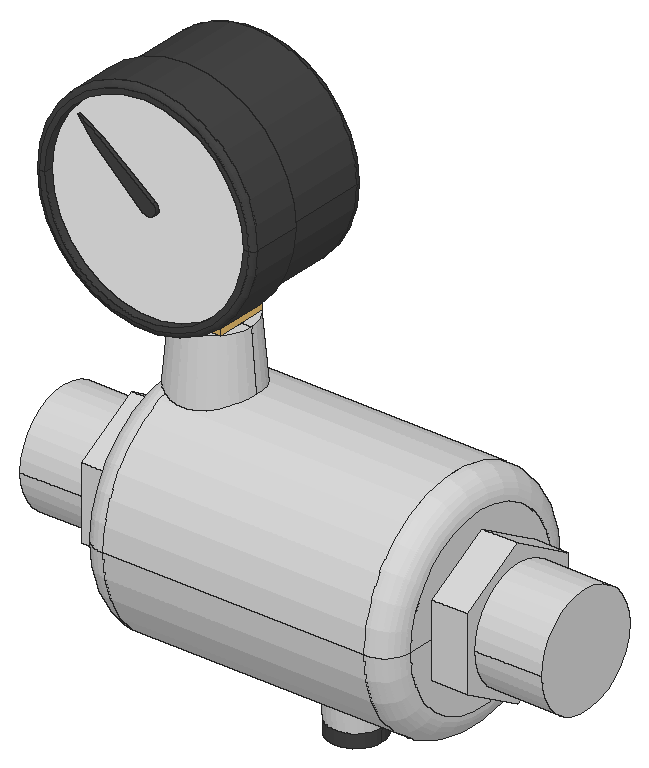
Revit family "VT.084.N", category Арматура трубопроводов, Revit 2019
Family settings
  Размер круглого соединителя = Использовать диаметр
  Тип детали = Нормальный
  На основе рабочей плоскости = Нет
  Всегда вертикально = Да
  При загрузке вырезать с полостями = Нет
  Общий = Нет
Parameters
  Таблица = "VT.084.N"
  Description = ""
  Материал доп. [instance] = Пластик - черный
  Изготовитель = "VALTEC"  # constant formula
  Группа модели = "Редукторы давления для воды"
  massa [instance] = size_lookup(Таблица, "ves", 0 mm, Du)  # 560 mm
  h2 [instance] = size_lookup(Таблица, "h2", 0 mm, Du)  # 27 mm
  h1 [instance] = size_lookup(Таблица, "h1", 0 mm, Du)  # 33 mm
  dn [instance] = size_lookup(Таблица, "dn", 0 mm, Du)  # 21 mm
  d1 [instance] = size_lookup(Таблица, "d1", 0 mm, Du)  # 44 mm
  a [instance] = size_lookup(Таблица, "a", 0 mm, Du)  # 24 mm
  URL = "https://valtec.ru/"
  R [instance] = 5 mm  # constant formula
  L4 [instance] = size_lookup(Таблица, "L4", 0 mm, Du)  # 6 mm
  L3 [instance] = size_lookup(Таблица, "L3", 0 mm, Du)  # 21 mm
  L2 [instance] = size_lookup(Таблица, "L2", 0 mm, Du)  # 7 mm
  L1 [instance] = size_lookup(Таблица, "L1", 0 mm, Du)  # 13 mm
  L [instance] = size_lookup(Таблица, "L", 0 mm, Du)  # 60 mm
  Du [instance] = 15 mm
  ADSK_Обозначение [instance] = "VT.084.N"  # constant formula
  ADSK_Наименование [instance] = size_lookup(Таблица, "", "Данный типоразмер отсутствует", Du)  # "Линейный редуктор-ограничитель расхода"
  ADSK_Материал [instance] = Нержавеющая сталь
  ADSK_Масса [instance] = massa / 1000 mm  # 0.56
  ADSK_Код изделия - манометр [instance] = "VT.ТМ40.Т\r"  # constant formula
  ADSK_Код изделия [instance] = size_lookup(Таблица, "Код продукта", "Данный типоразмер отсутствует", Du)  # "VT.084.N.04"
  ADSK_Завод-изготовитель [instance] = Изготовитель  # "VALTEC"
  ADSK_Единица измерения [instance] = "шт."  # constant formula
  ADSK_URL страницы изделия = "https://valtec.ru/catalog/reguliruyuschaya_armatura/reduktory_davleniya_dlya_vody/linejnyj_reduktor_ogranichitel_rashoda_vt084n.html"
  ADSK_URL документации изделия [instance] = "https://valtec.ru/document/technical/VT.084-0519.pdf"
Reference planes
  plane 1 "По центру (Вперед/Назад)": y = 0
  plane 2: z = 0
  plane 3 "По центру (Влево/Вправо)": x = 0
  plane 4: y = -22
  plane 5: y = 22
  plane 6: x = -30
  plane 7: x = 30
  plane 8: x = 37
  plane 9: x = -37
  plane 10: x = 50
  plane 11: x = -50
  plane 12: y = 12
  plane 13: y = -12
  plane 14: through (0, 0, 0) normal (0, 0.5, 0.866)
  plane 15: through (0, 44.051, -11.576) normal (0, 0.5, 0.866)
  plane 16: through (0, 38.162, -35.89) normal (0, 0.5, 0.866)
  plane 17: through (0, 0, 0) normal (0, 0.5, -0.866)
  plane 18: through (0, 42.521, 38.406) normal (0, -0.5, 0.866)
  plane 19: through (0, 52.555, 16.486) normal (0, -0.5, 0.866)
  plane 20: z = 33
  plane 21: x = -21
  plane 22: x = 6
  plane 23: z = -27
Forms (mm)
  Revolve 1, solid, material "Нержавеющая сталь" <- "ADSK_Материал", detail levels fine
    sketch origin (0, 0, 0) x (1, 0, 0) y (0, 1, 0)
      loop
        arc (-25, 22) -> (-28.536, 20.536) -> (-30, 17) r 5
        line (-30, 17) -> (-30, 0) -> (30, 0) -> (30, 17)
        arc (30, 17) -> (28.536, 20.536) -> (25, 22) r 5
        line (25, 22) -> (-25, 22)
      axis (30, 0) -> (-30, 0)
    angle from 0 to 360
  Extrusion 2, solid, material "Нержавеющая сталь" <- "ADSK_Материал", detail levels fine
    sketch origin (0, 0, 0) x (0, 1, 0) y (0, 0, 1)
      loop
        line (12, -6.928) -> (12, 6.928) -> (0, 13.856) -> (-12, 6.928) -> (-12, -6.928) -> (0, -13.856) -> (12, -6.928)
    from -37 to -30
  Extrusion 3, solid, material "Нержавеющая сталь" <- "ADSK_Материал", detail levels fine
    sketch origin (0, 0, 0) x (0, 1, 0) y (0, 0, 1)
      loop
        line (0, 13.856) -> (-12, 6.928) -> (-12, -6.928) -> (0, -13.856) -> (12, -6.928) -> (12, 6.928) -> (0, 13.856)
    from 30 to 37
  Extrusion 4, solid, material "Нержавеющая сталь" <- "ADSK_Материал", detail levels fine
    sketch origin (0, 0, 0) x (0, 1, 0) y (0, 0, 1)
      loop
        circle (0, 0) r 10.5
    from -50 to -37
  Extrusion 5, solid, material "Нержавеющая сталь" <- "ADSK_Материал", detail levels fine
    sketch origin (0, 0, 0) x (0, 1, 0) y (0, 0, 1)
      loop
        circle (0, 0) r 10.5
    from 37 to 50
  Revolve 6, solid, material "Нержавеющая сталь" <- "ADSK_Материал", detail levels fine
    sketch origin (0, 0, 0) x (1, 0, 0) y (0, 0, 1)
      loop
        line (-21, 33) -> (-28.008, 33) -> (-29.758, 13) -> (-21, 13) -> (-21, 33)
      axis (-21, 33) -> (-21, 13)
    angle from 0 to 360
  Revolve 7, solid, material "Нержавеющая сталь" <- "ADSK_Материал", detail levels fine
    sketch origin (0, 0, 0) x (1, 0, 0) y (0, 0, 1)
      loop
        line (11, -27) -> (11.875, -17) -> (6, -17) -> (6, -27) -> (11, -27)
      axis (6, -17) -> (6, -27)
    angle from 0 to 360
  Revolve 8, solid, material "Пластик - черный" <- "Материал доп.", detail levels fine
    sketch origin (0, 0, 0) x (1, 0, 0) y (0, 0, 1)
      loop
        line (6, -27) -> (6, -29.512) -> (11, -29.512) -> (11, -27) -> (6, -27)
      axis (6, -27) -> (6, -29.512)
    angle from 0 to 360
Dimensions and locks
  equal spacing: plane 5, plane 1 "По центру (Вперед/Назад)", plane 4
  "d1": plane 5 to plane 4
  equal spacing: plane 6, plane 3 "По центру (Влево/Вправо)", plane 7
  "L": plane 6 to plane 7
  "L2": plane 9 to plane 6
  "L1": plane 11 to plane 9
  "L2": plane 7 to plane 8
  "L1": plane 8 to plane 10
  equal spacing: plane 15, plane 14, plane 16
  "a": plane 15 to plane 16
  equal spacing: plane 18, plane 17, plane 19
  "a": plane 18 to plane 19
  equal spacing: plane 12, plane 1 "По центру (Вперед/Назад)", plane 13
  "a": plane 12 to plane 13
  "h1": plane 20 to level
  "L3": plane 3 "По центру (Влево/Вправо)" to plane 21
  "h2": level to plane 23
  "L4": plane 22 to plane 3 "По центру (Влево/Вправо)"
  locked: plane 21 to Revolve 6 sketch curve at 7.008
  locked: plane 20 to Revolve 6 sketch curve at 20
  locked: Revolve 7 sketch curve to plane 23 at 10
  locked: Revolve 7 to Revolve 8 sketch curve at 2.512
  locked: Revolve 8 sketch curve to plane 22 at 5
  "R": radius of Revolve 1 sketch curve  (x2)
  "dn": diameter of Extrusion 4 sketch curve
  "dn": diameter of Extrusion 5 sketch curve
  locked: Revolve 6 sketch curve to plane 21 (angle 5.00°)
  locked: Revolve 7 sketch curve to plane 22 (angle 5.00°)
  aligned and locked: level to plane 2
  aligned and locked: Revolve 1 sketch curve to plane 5
  aligned and locked: plane 1 "По центру (Вперед/Назад)" to Revolve 1 sketch curve
  aligned and locked: Revolve 1 sketch curve to plane 1 "По центру (Вперед/Назад)"
  aligned and locked: Revolve 1 sketch curve to plane 7
  aligned and locked: Revolve 1 sketch curve to plane 6
  aligned and locked: Extrusion 2 sketch curve to plane 12
  aligned and locked: plane 13 to Extrusion 2 sketch curve
  aligned and locked: plane 18 to Extrusion 2 sketch curve
  aligned and locked: plane 15 to Extrusion 2 sketch curve
  aligned and locked: Extrusion 2 sketch curve to plane 19
  aligned and locked: Extrusion 2 sketch curve to plane 16
  aligned and locked: Extrusion 2 to plane 9
  aligned and locked: plane 6 to Extrusion 2
  aligned and locked: Extrusion 3 sketch curve to plane 18
  aligned and locked: Extrusion 3 sketch curve to plane 13
  aligned and locked: Extrusion 3 sketch curve to plane 15
  aligned and locked: plane 12 to Extrusion 3 sketch curve
  aligned and locked: plane 19 to Extrusion 3 sketch curve
  aligned and locked: plane 16 to Extrusion 3 sketch curve
  aligned and locked: Extrusion 3 to plane 7
  aligned and locked: plane 8 to Extrusion 3
  aligned and locked: plane 1 "По центру (Вперед/Назад)" to Extrusion 4 sketch curve
  aligned and locked: level to Extrusion 4 sketch curve
  aligned and locked: Extrusion 4 to plane 11
  aligned and locked: plane 9 to Extrusion 4
  aligned and locked: plane 1 "По центру (Вперед/Назад)" to Extrusion 5 sketch curve
  aligned and locked: level to Extrusion 5 sketch curve
  aligned and locked: Extrusion 5 to plane 8
  aligned and locked: plane 10 to Extrusion 5
  aligned and locked: plane 20 to Revolve 6 sketch curve
  aligned and locked: plane 21 to Revolve 6 sketch curve
  aligned and locked: Revolve 6 sketch curve to plane 21
  aligned and locked: Revolve 7 sketch curve to plane 22  (x2)
  aligned and locked: plane 21 to nested 1
  aligned and locked: nested 1 to plane 20
  aligned and locked: plane 1 "По центру (Вперед/Назад)" to nested 1
  aligned and locked: plane 23 to Revolve 8 sketch curve
  aligned and locked: Revolve 8 sketch curve to plane 22  (x2)
Automatic sketch dimensions
  Revolve 6 sketch curve to Revolve 6 sketch curve = 4.385 mm
  Revolve 6 sketch curve to Revolve 6 sketch curve = 10.651 mm
  Revolve 7 sketch curve to plane 23 = 0 mm
  Revolve 7 sketch curve to Revolve 7 sketch curve = 5 mm
  Revolve 7 sketch curve to Revolve 7 sketch curve = 19.443 mm
  Revolve 7 sketch curve to Revolve 7 sketch curve = 3.841 mm
  Revolve 8 sketch curve to plane 23 = 0 mm
  Revolve 8 sketch curve to Revolve 8 sketch curve = 16.931 mm
  plane 23 to Revolve 8 sketch curve = 13.841 mm
  Revolve 1 sketch curve to plane 11 = 1945 mm
  plane 10 to Revolve 1 sketch curve = 1942.592 mm
Nested families
  nested 1: "Манометр" at (-21, 0, 58), type "Манометр", detail levels fine
  nested 2: "Анатация" at (0, 0, 0), type "Анатация", detail levels coarse+medium
Connectors
  piping at (-37, 0, 0), diameter 15, driven by "Du"
    settings: on Extrusion 4, index 1, connector inside diameter 609.6 mm, connector length 0 mm, flow factor 0, pipe flow 0.0 L/s, pressure drop 0.0 Pa, fitting loss kfactor 0, connector angle 0.00°, fixture units 0, engagement length 0 mm, angle of deflection 0.00°, flow configuration 0, flow direction 0, fitting loss method 0, system type 28, joint type 0, gender type 0, connector reference index -1, connector utility 0, adjustable connector no, is connector primary yes, connector description ""
  piping at (37, 0, 0), diameter 15, driven by "Du"
    settings: on Extrusion 5, index 2, connector inside diameter 609.6 mm, connector length 0 mm, flow factor 0, pipe flow 0.0 L/s, pressure drop 0.0 Pa, fitting loss kfactor 0, connector angle 0.00°, fixture units 0, engagement length 0 mm, angle of deflection 0.00°, flow configuration 0, flow direction 0, fitting loss method 0, system type 28, joint type 0, gender type 0, connector reference index -1, connector utility 0, adjustable connector no, is connector primary no, connector description ""
Definition of nested family "Манометр"
  Reference planes
    plane 1 "По центру (Вперед/Назад)": y = 0
    plane 2: z = 0
    plane 3 "По центру (Влево/Вправо)": x = 0
    plane 4: z = -25
    plane 5: z = -35
    plane 6: y = -15.442
  Forms (mm)
    Revolve 1, solid
      sketch origin (0, 0, 0) x (1, 0, 0) y (0, 1, 0)
        loop
          line (0, 10) -> (0, -14) -> (19, -14) -> (19, -17) -> (20, -17)
          arc (20, -17) -> (20.656, -16.683) -> (21, -16.042) r 1.178
          line (21, -16.042) -> (21, -7) -> (20, -7) -> (20, 9)
          arc (20, 9) -> (19.707, 9.707) -> (19, 10) r 1
          line (19, 10) -> (0, 10)
        axis (0, 10) -> (0, -17)
      angle from 0 to 360
    Extrusion 2, solid
      sketch origin (0, 0, 0) x (1, 0, 0) y (0, 0, 1)
        loop
          arc (-0.975, -1.062) -> (1.104, -0.927) -> (0.876, 1.145) r 1.442
          line (0.876, 1.145) -> (-9.27, 8.912) -> (-13.6, 11.412) -> (-10.386, 7.582) -> (-0.975, -1.062)
      from 14 to 16.042
    Extrusion 3, solid
      sketch origin (0, 0, 0) x (1, 0, 0) y (0, 1, 0)
        loop
          line (-5, 5) -> (-5, -5) -> (5, -5) -> (5, 5) -> (-5, 5)
      from -25 to 0
    Extrusion 4, solid
      sketch origin (0, 0, 0) x (1, 0, 0) y (0, 1, 0)
        loop
          circle (0, 0) r 5
      from -35 to -25
    Extrusion 5, solid
      sketch origin (0, 0, 0) x (1, 0, 0) y (0, 0, 1)
        loop
          circle (0, 0) r 19
      from 14 to 15.442
  Dimensions and locks
    plane 1 "По центру (Вперед/Назад)" to Revolve 1 sketch curve = 10 mm
    Revolve 1 sketch curve to plane 1 "По центру (Вперед/Назад)" = 7 mm
    plane 3 "По центру (Влево/Вправо)" to Revolve 1 sketch curve = 20 mm
    plane 3 "По центру (Влево/Вправо)" to Revolve 1 sketch curve = 21 mm
    Revolve 1 sketch curve to Revolve 1 sketch curve = 10 mm
    plane 3 "По центру (Влево/Вправо)" to Revolve 1 sketch curve = 19 mm
    Extrusion 3 sketch curve to plane 3 "По центру (Влево/Вправо)" = 5 mm
    plane 3 "По центру (Влево/Вправо)" to Extrusion 3 sketch curve = 5 mm
    Extrusion 3 sketch curve to plane 1 "По центру (Вперед/Назад)" = 5 mm
    plane 1 "По центру (Вперед/Назад)" to Extrusion 3 sketch curve = 5 mm
    locked: level to plane 4 at 25
    locked: plane 4 to plane 5 at 10
    locked: Extrusion 5 to plane 6 at 1.442
    diameter of Revolve 1 = 38 mm
    aligned and locked: level to plane 2
    aligned and locked: Revolve 1 sketch curve to plane 3 "По центру (Влево/Вправо)"
    aligned and locked: Revolve 1 to Extrusion 2  (x2)
    aligned and locked: level to Extrusion 3
    aligned and locked: Extrusion 3 to plane 4
    aligned and locked: plane 3 "По центру (Влево/Вправо)" to Extrusion 4 sketch curve
    aligned and locked: plane 1 "По центру (Вперед/Назад)" to Extrusion 4 sketch curve
    aligned and locked: Extrusion 4 to Extrusion 3
    aligned and locked: Extrusion 4 to plane 5
    aligned and locked: plane 3 "По центру (Влево/Вправо)" to Extrusion 5 sketch curve
    aligned and locked: Extrusion 3 to Extrusion 5 sketch curve
    aligned and locked: Extrusion 5 to Revolve 1
    aligned and locked: Extrusion 5 to plane 6
Definition of nested family "Анатация"
  Reference planes
    plane 1: y = 0
    plane 2: x = 0
  Lines and regions (mm)
    Filled region 1, type "Цветовая область 1"
      outline origin (0, 0, 0) x (1, 0, 0) y (0, 1, 0)
        loop
          line (-30, 0) -> (30, -20) -> (30, 20) -> (-30, 0)
    detail lines
      curve 1: line (-30, 20, 0) -> (30, 20, 0)
      curve 2: line (-30, -20, 0) -> (-30, 20, 0)
      curve 3: line (30, -20, 0) -> (-30, -20, 0)
      curve 4: line (30, 20, 0) -> (30, -20, 0)
      curve 5: line (-15, 20, 0) -> (-15, 29.861, 0)
      curve 6: circle (-15, 49.861, 0) r 20 normal (0, 0, 1)
  Text (mm)
    text "P" at (-20.241, 68.052, 0)
  Dimensions and locks
    locked: plane 2 to curve 4 at 30
    locked: plane 1 to curve 1 at 20
    locked: curve 5 to curve 2 at 15
    locked: curve 3 to curve 1 at 40
    locked: curve 2 to curve 4 at 60
    aligned and locked: curve 5 to curve 6
    aligned and locked: Filled region 1 sketch curve to curve 4
